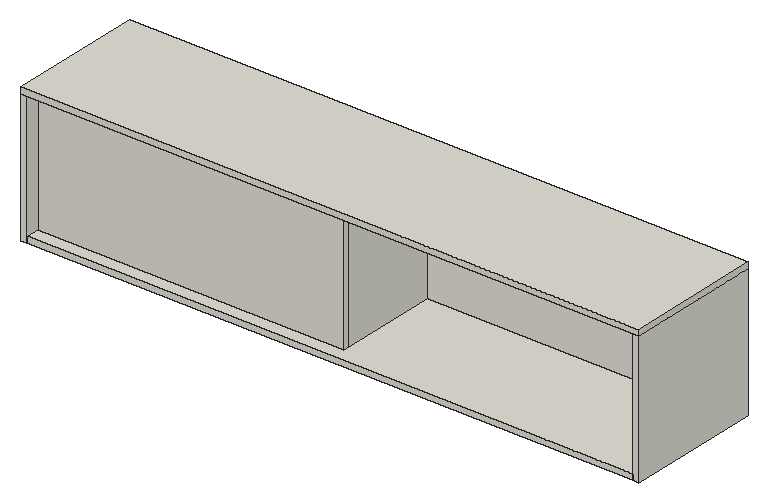
Revit family "Haworth_BeHold_OverheadStorage_Open_DoubleSided", category Furniture Systems, Revit 2018
Family settings
  Round Connector Dimension = Use Diameter
  Part Type = Normal
  OmniClass Number = 23.40.70.14.64.21
  OmniClass Title = Systems Furniture
  Work Plane-Based = No
  Always vertical = Yes
  Cut with Voids When Loaded = No
  Shared = No
  Room Calculation Point = No
Parameters (values of type "16h 72w")
  Width = 72.00"
  Warranty = "http://www.haworth.com/resources/product-info/warranties"
  URL - Product = "https://www.haworth.com/products/storage/cabinets-towers/be_hold"
  URL = "www.haworth.com"
  Sustainability Info = "https://www.haworth.com/company-info/sustainability"
  Standard Widths = "36, 42, 48, 54, 60, 66, 72in"  # constant formula
  Small = not(Large)  # no
  Size = "Verify Final Dim. w/ Haworth"  # constant formula
  Revision Number = "1"  # constant formula
  Mounting Height = 22.00"
  Model = "Haworth Be_Hold"  # constant formula
  Min. Width = 36.00"  # constant formula
  Min. Height = 8.00"  # constant formula
  Max. Width = 72.00"  # constant formula
  Max. Height = 16.00"  # constant formula
  Manufacturer = "Haworth"  # constant formula
  Large = yes
  Description = "Haworth - Be_Hold - Overhead Storage Unit - Open - Dual Sided - 16h 72w"
  Custom Size = not(or(Width = 36.00", Width = 42.00", Width = 48.00", Width = 54.00", Width = 60.00", Width = 66.00", Width = 72.00"))  # no
  Cabinet Finish = Haworth _ Laminate _ Beige H-34
  Back Finish = Haworth _ Laminate _ Beige H-34
  Author = "Haworth (Abd Rahman)"  # constant formula
  Assembly Code = "E2020200"
  Actual Width = if(Width < Min. Width, Min. Width, if(Width > Max. Width, Max. Width, Width))  # 72.00"
  Actual Height = if(Small, 8.00", 16.00")  # 16.00"
  Actual Depth = 15.94"  # constant formula
Types (4): name | Width | Small | Mounting Height | Large | Description | Actual Width | Actual Height
  16h 36w | 36.00" | no | 17.48436" | yes | "Haworth - Be_Hold - Overhead Storage Unit - Open - Dual Sided - 16h 36w" | 36.00" | 16.00"
  16h 72w | 72.00" | no | 22.00" | yes | "Haworth - Be_Hold - Overhead Storage Unit - Open - Dual Sided - 16h 72w" | 72.00" | 16.00"
  8h 36w | 36.00" | yes | 17.48436" | no | "Haworth - Be_Hold - Overhead Storage Unit - Open - Dual Sided - 8h 36w" | 36.00" | 8.00"
  8h 72w | 72.00" | yes | 17.48436" | no | "Haworth - Be_Hold - Overhead Storage Unit - Open - Dual Sided - 8h 72w" | 72.00" | 8.00"
Reference planes (in)
  plane 1: z = 22
  plane 2 "Center L/R": x = -6.17556
  plane 3 "Center F/B": y = -11.5
  plane 4 "Top": z = 38
  plane 5 "Back": y = -3.53
  plane 6 "Front": y = -19.47
  plane 7 "Right": x = 29.82444
  plane 8 "Left": x = -42.17556
  plane 9: z = 37.28409
  plane 10: y = -5.76688
  plane 11: x = 29.07444
  plane 12: x = -41.42556
  plane 13: z = 22.71591
  plane 14: y = -5.08908
  plane 15: x = -6.51865
  plane 16: x = -5.76274
  plane 17: y = -17.23313
  plane 18: y = -17.91092
Forms (in)
  Extrusion 1, solid, material "Haworth _ Laminate _ Beige H-34" <- "Cabinet Finish"
    sketch origin (0, 0, 0) x (1, 0, 0) y (0, 1, 0)
      loop
        line (-42.17556, -3.53) -> (-42.17556, -19.47) -> (29.82444, -19.47) -> (29.82444, -3.53) -> (-42.17556, -3.53)
    from 37.28409 to 38
  Extrusion 2, solid, material "Haworth _ Laminate _ Beige H-34" <- "Back Finish"
    sketch origin (0, 2.625, 0) x (1, 0, 0) y (0, 1, 0)
      loop
        line (-6.51865, -7.71408) -> (-6.51865, -8.39188) -> (29.07444, -8.39188) -> (29.07444, -7.71408) -> (-6.51865, -7.71408)
    from 22.71591 to 37.28409
  Extrusion 3, solid, material "Haworth _ Laminate _ Beige H-34" <- "Cabinet Finish"
    sketch origin (0, 0, 0) x (1, 0, 0) y (0, 1, 0)
      loop
        line (29.07444, -3.53) -> (29.07444, -19.47) -> (29.82444, -19.47) -> (29.82444, -3.53) -> (29.07444, -3.53)
    from 22 to 37.28409
  Extrusion 4, solid, material "Haworth _ Laminate _ Beige H-34" <- "Cabinet Finish"
    sketch origin (0, 0, 0) x (1, 0, 0) y (0, 1, 0)
      loop
        line (-42.17556, -3.53) -> (-42.17556, -19.47) -> (-41.42556, -19.47) -> (-41.42556, -3.53) -> (-42.17556, -3.53)
    from 22 to 37.28409
  Extrusion 5, solid, material "Haworth _ Laminate _ Beige H-34" <- "Cabinet Finish"
    sketch origin (0, 0, 2.20027) x (1, 0, 0) y (0, 1, 0)
      loop
        line (-41.42556, -3.53) -> (-41.42556, -19.47) -> (29.07444, -19.47) -> (29.07444, -3.53) -> (-41.42556, -3.53)
    from 19.79973 to 20.51564
  Extrusion 6, solid, material "Haworth _ Laminate _ Beige H-34" <- "Cabinet Finish"
    sketch origin (0, 0, 0) x (1, 0, 0) y (0, 1, 0)
      loop
        line (-6.51865, -5.76688) -> (-6.51865, -17.23313) -> (-5.76274, -17.23313) -> (-5.76274, -5.76688) -> (-6.51865, -5.76688)
    from 22.71591 to 37.28409
  Extrusion 7, solid, material "Haworth _ Laminate _ Beige H-34" <- "Back Finish"
    sketch origin (0, -25.625, 0) x (1, 0, 0) y (0, 1, 0)
      loop
        line (-41.42556, 7.71408) -> (-5.76274, 7.71408) -> (-5.76274, 8.39188) -> (-41.42556, 8.39188) -> (-41.42556, 7.71408)
    from 22.71591 to 37.28409
Lines and regions (in)
  Masking region 1
    outline origin (0, 0, 0) x (1, 0, 0) y (0, 1, 0)
      loop
        line (-42.17556, -3.53) -> (-42.17556, -19.47) -> (29.82444, -19.47) -> (29.82444, -3.53) -> (-42.17556, -3.53)
  symbolic lines, style "Haworth", detail levels fine
    curve 1: line (-41.42556, -17.23313, 0) -> (-5.76274, -17.23313, 0)
    curve 2: line (-41.42556, -17.91092, 0) -> (-41.42556, -17.23313, 0)
    curve 3: line (-5.76274, -17.91092, 0) -> (-41.42556, -17.91092, 0)
    curve 4: line (-5.76274, -17.23312, 0) -> (-5.76274, -17.91092, 0)
    curve 5: line (-5.76274, -17.23312, 0) -> (-6.51865, -17.23312, 0)
    curve 6: line (-5.76274, -5.76688, 0) -> (-5.76274, -17.23312, 0)
    curve 7: line (-6.51865, -5.76688, 0) -> (-5.76274, -5.76688, 0)
    curve 8: line (-6.51865, -17.23312, 0) -> (-6.51865, -5.76688, 0)
    curve 9: line (-6.51865, -5.08908, 0) -> (29.07444, -5.08908, 0)
    curve 10: line (-6.51865, -5.76688, 0) -> (-6.51865, -5.08908, 0)
    curve 11: line (29.07444, -5.76688, 0) -> (-6.51865, -5.76688, 0)
    curve 12: line (29.07444, -5.08908, 0) -> (29.07444, -5.76688, 0)
    curve 13: line (29.07444, -3.53, 0) -> (29.07444, -19.47, 0)
    curve 14: line (-41.42556, -3.53, 0) -> (-41.42556, -19.47, 0)
Dimensions and locks (in)
  equal spacing: plane 8 "Left", plane 2 "Center L/R", plane 7 "Right"
  "Actual Width": plane 8 "Left" to plane 7 "Right"
  equal spacing: plane 5 "Back", plane 3 "Center F/B", plane 6 "Front"
  "Actual Depth": plane 5 "Back" to plane 6 "Front"
  plane 11 to plane 7 "Right" = 0.75"
  plane 8 "Left" to plane 12 = 0.75"
  locked: plane 4 "Top" to plane 9 at 0.71591
  plane 14 to plane 10 = 0.6778"
  locked: plane 17 to plane 18 at 0.6778
  "Actual Height": plane 4 "Top" to plane 1
  locked: plane 13 to plane 1 at 0.71591
  "Mounting Height": plane 1 to level
  aligned and locked: plane 7 "Right" to Extrusion 1
  aligned and locked: plane 5 "Back" to Extrusion 1
  aligned and locked: Extrusion 1 to plane 8 "Left"
  aligned and locked: Extrusion 1 to plane 6 "Front"
  aligned and locked: plane 4 "Top" to Extrusion 1
  aligned and locked: Extrusion 1 to plane 9
  aligned and locked: Extrusion 3 sketch curve to plane 5 "Back"
  aligned and locked: Extrusion 3 sketch curve to Extrusion 1  (x2)
  aligned and locked: Extrusion 4 sketch curve to Extrusion 1  (x2)
  aligned and locked: plane 6 "Front" to Extrusion 4 sketch curve
  aligned and locked: Extrusion 4 to plane 12  (x3)
  aligned and locked: Extrusion 3 sketch curve to plane 11
  aligned and locked: plane 11 to Extrusion 2 sketch curve
  aligned and locked: Extrusion 3 to plane 1
  aligned and locked: Extrusion 4 to plane 1
  aligned and locked: Extrusion 2 to plane 9
  aligned and locked: Extrusion 3 to plane 9
  aligned and locked: plane 9 to Extrusion 4
  aligned and locked: plane 13 to Extrusion 5
  aligned and locked: plane 14 to Extrusion 2  (x2)
  aligned and locked: plane 10 to Extrusion 2  (x2)
  aligned and locked: plane 16 to Extrusion 6 sketch curve
  aligned and locked: Extrusion 6 sketch curve to plane 15
  aligned and locked: plane 10 to Extrusion 6 sketch curve
  aligned and locked: Extrusion 6 to plane 9
  aligned and locked: Extrusion 6 to plane 13
  aligned and locked: Extrusion 5 to plane 11
  aligned and locked: plane 12 to Extrusion 5
  aligned and locked: Extrusion 6 to plane 16
  aligned and locked: plane 15 to Extrusion 6
  aligned and locked: Extrusion 6 to plane 10
  aligned and locked: plane 11 to Extrusion 3
  aligned and locked: Extrusion 2 to plane 11
  aligned and locked: plane 7 "Right" to Extrusion 3
  aligned and locked: plane 5 "Back" to Extrusion 3
  aligned and locked: plane 5 "Back" to Extrusion 5
  aligned and locked: Extrusion 4 to plane 8 "Left"
  aligned and locked: plane 5 "Back" to Extrusion 4
  aligned and locked: Extrusion 4 to plane 6 "Front"
  aligned and locked: Extrusion 5 to plane 6 "Front"
  aligned and locked: Extrusion 3 to plane 6 "Front"
  aligned and locked: plane 18 to Extrusion 7  (x2)
  aligned and locked: Extrusion 7 to plane 17  (x2)
  aligned and locked: plane 17 to Extrusion 7
  aligned and locked: Extrusion 7 to plane 18
  aligned and locked: Extrusion 7 to plane 16
  aligned and locked: Extrusion 6 to plane 17
  aligned and locked: plane 15 to Extrusion 2
  aligned and locked: Extrusion 7 to plane 13
  aligned and locked: Extrusion 2 to plane 13
  aligned and locked: Extrusion 7 to plane 9
  aligned and locked: Masking region 1 to plane 6 "Front"
  aligned and locked: plane 7 "Right" to Masking region 1
  aligned and locked: plane 5 "Back" to Masking region 1
  aligned and locked: Masking region 1 to plane 8 "Left"
  aligned and locked: curve 1 to Extrusion 7
  aligned and locked: curve 2 to Extrusion 7
  aligned and locked: curve 3 to Extrusion 7
  aligned and locked: curve 4 to Extrusion 7
  aligned and locked: curve 6 to curve 4
  aligned and locked: curve 8 to Extrusion 6
  aligned and locked: curve 9 to Extrusion 2
  aligned and locked: curve 10 to Extrusion 2
  aligned and locked: curve 11 to Extrusion 2
  aligned and locked: curve 12 to Extrusion 2
  aligned and locked: plane 6 "Front" to curve 14
  aligned and locked: plane 5 "Back" to curve 14
  aligned and locked: plane 12 to curve 14
  aligned and locked: plane 6 "Front" to curve 13
  aligned and locked: plane 5 "Back" to curve 13
  aligned and locked: plane 11 to curve 13
  aligned and locked: Extrusion 5 to plane 1
Automatic sketch dimensions
  Extrusion 1 sketch curve to plane 6 "Front" = 0.00"
  Extrusion 1 sketch curve to plane 8 "Left" = 0.00"
  Extrusion 1 sketch curve to plane 7 "Right" = 0.00"
  Extrusion 1 sketch curve to plane 5 "Back" = 0.00"
  Extrusion 2 sketch curve to plane 10 = 0.00"
  Extrusion 2 sketch curve to plane 14 = 0.00"
  Extrusion 4 sketch curve to plane 12 = 0.00"
  Extrusion 5 sketch curve to plane 6 "Front" = 0.00"
  Extrusion 5 sketch curve to plane 12 = 0.00"
  Extrusion 5 sketch curve to plane 11 = 0.00"
  Extrusion 5 sketch curve to plane 5 "Back" = 0.00"
  Extrusion 7 sketch curve to plane 12 = 0.00"
  Extrusion 7 sketch curve to plane 11 = 34.83718"
  Extrusion 7 sketch curve to plane 17 = 0.00"
  Extrusion 7 sketch curve to plane 18 = 0.00"
  Extrusion 2 sketch curve to plane 12 = 34.90691"
  plane 6 "Front" to Extrusion 6 sketch curve = 2.23687"
  Masking region 1 sketch curve to plane 6 "Front" = 0.00"
  Masking region 1 sketch curve to plane 8 "Left" = 0.00"
  plane 7 "Right" to Masking region 1 sketch curve = 0.00"
  plane 5 "Back" to Masking region 1 sketch curve = 0.00"
